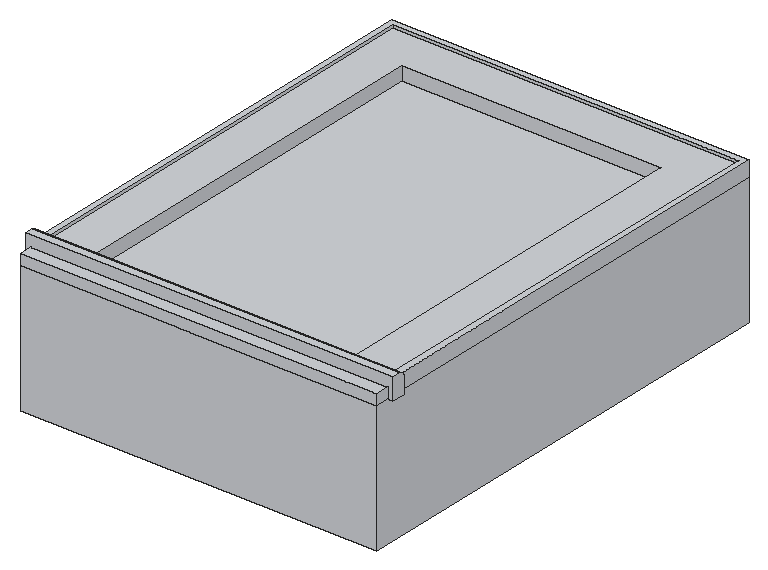
Revit family "15526a24109a478db82827034fc44a58", category Generic Models, host Face, Revit 2021
Family settings
  Host = Face
  Can host rebar = No
  Round Connector Dimension = Use Diameter
  Part Type = Normal
  Cut with Voids When Loaded = No
  Shared = Yes
  Room Calculation Point = No
Parameters (values of type "with Apron")
  Trim Width = 0' - 4 1/2"
  Trim Thickness = 0' - 1 1/4"
  Trim Material [instance] = none
  Sill Thickness = 0' - 1 1/4"
  Opening Width [instance] = 2' - 0"
  Opening Height [instance] = 3' - 0"
  Default Elevation = 4' - 0"
  Backband Width = 0' - 0 1/2"
  Backband Thickness = 0' - 0 1/4"
  Apron Visibility = yes
  Apron Thickness = 0' - 1 1/4"
Types (2): name | Apron Visibility
  with Apron | yes
  without Apron | no
Reference planes (in)
  plane 1 "Center (Front/Back)": y = 0
  plane 2: z = 0
  plane 3 "Center (Left/Right)": x = 0
  plane 4: y = 4.5
  plane 5 "Left": x = -12
  plane 6 "Right": x = 12
  plane 7 "Bottom": y = -36
  plane 8: x = 16.5
  plane 9: x = -16.5
  plane 10: z = 1.25
  plane 11: x = 17
  plane 12: x = -17
  plane 13: y = -37.25
  plane 14: y = -18
  plane 15: x = -16
  plane 16: x = 16
  plane 17: z = 1.5
  plane 18: y = -38.5
  plane 19: z = 1
  plane 20: z = 2
  plane 21: z = 1.5
  plane 22: y = -36.5
Forms (in)
  Extrusion 1, solid
    sketch origin (0, 0, 0) x (1, 0, 0) y (0, 1, 0)
      loop
        line (-16.5, 4.5) -> (-16.5, -38.5) -> (16.5, -38.5) -> (16.5, 4.5) -> (-16.5, 4.5)
    from 0 to -12
  Extrusion 2, solid, material <- "Trim Material"
    sketch origin (0, 0, 0) x (0, 1, 0) y (0, 0, 1)
      loop
        line (-36, 0) -> (-36, 1.5)
        arc (-36, 1.5) -> (-36.14645, 1.85355) -> (-36.5, 2) r 0.5
        line (-36.5, 2) -> (-37.25, 2) -> (-37.25, 0) -> (-36, 0)
    from -17 to 17
  Sweep 3, solid, material <- "Trim Material"
    path origin (0, 0, 0) x (1, 0, 0) y (0, 1, 0)
      loop
        line (12, -36) -> (12, 0) -> (-12, 0) -> (-12, -36)
    profile origin (-12, -18, 0) x (1, 0, 0) y (0, 0, 1)
      loop
        line (0, 0) -> (0, 1.25) -> (-4, 1.25) -> (-4, 1.5) -> (-4.5, 1.5) -> (-4.5, 0) -> (0, 0)
  Extrusion 4, solid, material <- "Trim Material", visible <- "Apron Visibility"
    sketch origin (-12, 0, 0) x (0, 1, 0) y (0, 0, 1)
      loop
        line (-37.25, 1) -> (-38.5, 1) -> (-38.5, 0) -> (-37.25, 0) -> (-37.25, 1)
    from -4.5 to 28.5
Dimensions and locks (in)
  equal spacing: plane 5 "Left", plane 3 "Center (Left/Right)", plane 6 "Right"
  "Opening Width": plane 5 "Left" to plane 6 "Right"
  "Opening Height": plane 7 "Bottom" to plane 1 "Center (Front/Back)"
  "Trim Width": plane 9 to plane 5 "Left"
  "Trim Width": plane 6 "Right" to plane 8
  "Trim Width": plane 1 "Center (Front/Back)" to plane 4
  locked: plane 12 to plane 9 at 0.5
  locked: plane 8 to plane 11 at 0.5
  equal spacing: plane 7 "Bottom", plane 14, plane 1 "Center (Front/Back)"
  "Trim Thickness": plane 10 to plane 2
  "Sill Thickness": plane 7 "Bottom" to plane 13
  "Backband Width": plane 16 to plane 8
  "Backband Width": plane 9 to plane 15
  "Backband Thickness": plane 10 to plane 17
  "Apron Thickness": plane 18 to plane 13
  locked: plane 19 to plane 2 at 1
  locked: plane 20 to plane 10 at 0.75
  locked: plane 20 to plane 21 at 0.5
  locked: plane 7 "Bottom" to plane 22 at 0.5
  radius of Extrusion 2 sketch curve = 0' - 0 1/2"
  locked: Extrusion 2 sketch curve to Extrusion 2 sketch curve (angle 90.00°)
  aligned and locked: plane 2 to Extrusion 1
  aligned and locked: level to Extrusion 1
  aligned and locked: Extrusion 2 sketch curve to level
  aligned and locked: plane 7 "Bottom" to Extrusion 2 sketch curve
  aligned and locked: plane 12 to Extrusion 2
  aligned and locked: Extrusion 2 to plane 11
  aligned and locked: Sweep 3 sketch curve to plane 5 "Left"
  aligned and locked: Sweep 3 sketch curve to plane 1 "Center (Front/Back)"
  aligned and locked: Sweep 3 sketch curve to plane 6 "Right"
  aligned and locked: plane 7 "Bottom" to Sweep 3 sketch curve  (x2)
  aligned and locked: Sweep 3 sketch curve to plane 2
  aligned and locked: plane 9 to Sweep 3 sketch curve
  aligned and locked: plane 5 "Left" to Sweep 3 sketch curve  (x2)
  aligned and locked: plane 15 to Sweep 3 sketch curve  (x2)
  aligned and locked: Sweep 3 sketch curve to Sweep 3 sketch curve
  aligned and locked: Sweep 3 sketch curve to plane 9
  aligned and locked: plane 2 to Sweep 3 sketch curve
  aligned and locked: Sweep 3 sketch curve to plane 17
  aligned and locked: Sweep 3 sketch curve to plane 10
  aligned and locked: plane 2 to Extrusion 4 sketch curve
  aligned and locked: plane 13 to Extrusion 4 sketch curve
  aligned and locked: plane 19 to Extrusion 4 sketch curve
  aligned and locked: plane 18 to Extrusion 4 sketch curve
  aligned and locked: plane 9 to Extrusion 4
  aligned and locked: Extrusion 4 to plane 8
  aligned and locked: plane 22 to Extrusion 2 sketch curve  (x2)
  aligned and locked: plane 21 to Extrusion 2 sketch curve
  aligned and locked: plane 13 to Extrusion 2 sketch curve
  aligned and locked: Extrusion 2 sketch curve to plane 20
  aligned and locked: plane 20 to Extrusion 2 sketch curve
Automatic sketch dimensions
  Extrusion 1 sketch curve to Extrusion 1 sketch curve = 2' - 9"
  Extrusion 1 sketch curve to Extrusion 1 sketch curve = 3' - 7"
